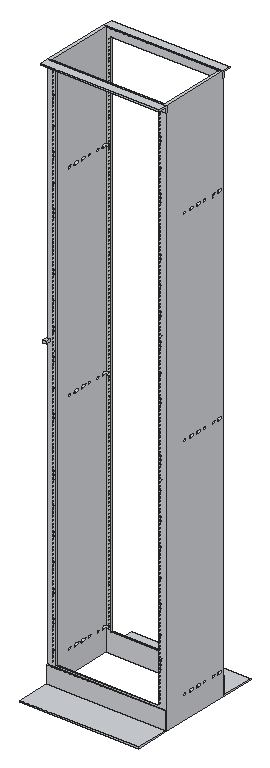
Revit family
Parameters
  Material ID = "760090142"
  Description = "6 IN (152 MM) CHANNEL x 8 FT (2438 MM) H - 19 IN (482.6 MM) STEEL EQUIPMENT RACK (52U) 3/8 SQ PUNCH, BLACK"
Reference planes (in)
  plane 1 "Center (Front/Back)": y = 0
  plane 2: z = 0
  plane 3 "Center (Left/Right)": x = 0
Forms (in)
  Extrusion 1, solid, not visible
    sketch origin (0, -14.305, 0) x (1, 0, 0) y (0, 0, 1)
      loop
        line (-8.5516, 0.86) -> (-8.5516, 0.46) -> (-7.9516, 0.46) -> (-7.9516, 0.86) -> (-8.5516, 0.86)
    from 0 to 0.77696
  Extrusion 2, solid
    sketch origin (0, 0, 0) x (1, 0, 0) y (0, 0, 1)
      loop
        line (-10.155, 42.12) -> (-10.155, -54) -> (10.155, -54) -> (10.155, 42.12) -> (0, 42.12) -> (-10.155, 42.12)
    from 0 to 36
  Extrusion 3, void
    sketch origin (0, 0, 0) x (1, 0, 0) y (0, 0, 1)
      loop
        line (-8.905, 40.855) -> (-8.905, -50.62) -> (8.905, -50.62) -> (8.905, 40.855) -> (-8.905, 40.855)
    from 0 to 36
  Extrusion 4, void
    sketch origin (0, 0, 0) x (0, 1, 0) y (0, 0, 1)
      loop
        line (-12, 44.92) -> (-38, 44.92) -> (-38, -58.24657) -> (-12, -58.24657) -> (-12, 44.92)
    from -31.70377 to 25
  Extrusion 5, void
    sketch origin (0, 0, 0) x (0, 1, 0) y (0, 0, 1)
      loop
        line (-0.2, 59.72052) -> (-11.8, 59.72052) -> (-11.8, -66.46573) -> (-0.2, -66.46573) -> (-0.2, 59.72052)
    from -9.61605 to 9.71756
  Extrusion 6, solid
    sketch origin (0, 0, -24) x (0, 1, 0) y (0, 0, 1)
      loop
        line (-12, -30) -> (-12, -26.8) -> (-12.2, -26.8) -> (-12.2, -29.8) -> (-18, -29.8) -> (-18, -30) -> (-12, -30)
      loop
        line (-12, 66.12) -> (-13.575, 66.12) -> (-13.575, 65.92) -> (-12.2, 65.92) -> (-12.2, 65.06396) -> (-12, 65.06396) -> (-12, 66.12)
      loop
        line (0, 66.12) -> (0, 65.06396) -> (0.2, 65.06396) -> (0.2, 65.92) -> (1.575, 65.92) -> (1.575, 66.12) -> (0, 66.12)
      loop
        line (0, -30) -> (6, -30) -> (6, -29.8) -> (0.2, -29.8) -> (0.2, -26.8) -> (0, -26.8) -> (0, -30)
    from -10.155 to 10.155
  Extrusion 7, void
    sketch origin (0, 0, 0) x (0, 1, 0) y (0, 0, 1)
      loop
        circle (-2.0168, -50) r 0.335
      loop
        circle (-3.8705, -50) r 0.335
      loop
        arc (-4.9429, -50.335) -> (-4.6079, -50) -> (-4.9429, -49.665) r 0.335
        line (-4.9429, -49.665) -> (-5.4429, -49.665)
        arc (-5.4429, -49.665) -> (-5.7779, -50) -> (-5.4429, -50.335) r 0.335
        line (-5.4429, -50.335) -> (-4.9429, -50.335)
      loop
        arc (-6.4429, -50.335) -> (-6.1079, -50) -> (-6.4429, -49.665) r 0.335
        line (-6.4429, -49.665) -> (-6.9429, -49.665)
        arc (-6.9429, -49.665) -> (-7.2779, -50) -> (-6.9429, -50.335) r 0.335
        line (-6.9429, -50.335) -> (-6.4429, -50.335)
      loop
        arc (-0.4429, -50.335) -> (-0.1079, -50) -> (-0.4429, -49.665) r 0.335
        line (-0.4429, -49.665) -> (-0.9429, -49.665)
        arc (-0.9429, -49.665) -> (-1.2779, -50) -> (-0.9429, -50.335) r 0.335
        line (-0.9429, -50.335) -> (-0.4429, -50.335)
      loop
        circle (-8.13, -50) r 0.335
      loop
        circle (-2.0168, -11) r 0.335
      loop
        circle (-3.8705, -11) r 0.335
      loop
        arc (-4.9429, -11.335) -> (-4.6079, -11) -> (-4.9429, -10.665) r 0.335
        line (-4.9429, -10.665) -> (-5.4429, -10.665)
        arc (-5.4429, -10.665) -> (-5.7779, -11) -> (-5.4429, -11.335) r 0.335
        line (-5.4429, -11.335) -> (-4.9429, -11.335)
      loop
        arc (-6.4429, -11.335) -> (-6.1079, -11) -> (-6.4429, -10.665) r 0.335
        line (-6.4429, -10.665) -> (-6.9429, -10.665)
        arc (-6.9429, -10.665) -> (-7.2779, -11) -> (-6.9429, -11.335) r 0.335
        line (-6.9429, -11.335) -> (-6.4429, -11.335)
      loop
        arc (-0.4429, -11.335) -> (-0.1079, -11) -> (-0.4429, -10.665) r 0.335
        line (-0.4429, -10.665) -> (-0.9429, -10.665)
        arc (-0.9429, -10.665) -> (-1.2779, -11) -> (-0.9429, -11.335) r 0.335
        line (-0.9429, -11.335) -> (-0.4429, -11.335)
      loop
        circle (-8.13, -11) r 0.335
      loop
        circle (-2.0168, 24) r 0.335
      loop
        circle (-3.8705, 24) r 0.335
      loop
        arc (-4.9429, 23.665) -> (-4.6079, 24) -> (-4.9429, 24.335) r 0.335
        line (-4.9429, 24.335) -> (-5.4429, 24.335)
        arc (-5.4429, 24.335) -> (-5.7779, 24) -> (-5.4429, 23.665) r 0.335
        line (-5.4429, 23.665) -> (-4.9429, 23.665)
      loop
        arc (-6.4429, 23.665) -> (-6.1079, 24) -> (-6.4429, 24.335) r 0.335
        line (-6.4429, 24.335) -> (-6.9429, 24.335)
        arc (-6.9429, 24.335) -> (-7.2779, 24) -> (-6.9429, 23.665) r 0.335
        line (-6.9429, 23.665) -> (-6.4429, 23.665)
      loop
        arc (-0.4429, 23.665) -> (-0.1079, 24) -> (-0.4429, 24.335) r 0.335
        line (-0.4429, 24.335) -> (-0.9429, 24.335)
        arc (-0.9429, 24.335) -> (-1.2779, 24) -> (-0.9429, 23.665) r 0.335
        line (-0.9429, 23.665) -> (-0.4429, 23.665)
      loop
        circle (-8.13, 24) r 0.335
    from -24.88707 to 25.18322
  Extrusion 8, void
    sketch origin (0, 0, -24.5) x (1, 0, 0) y (0, 0, 1)
      loop
        line (-9.175, 65.0575) -> (-9.264, 65.0575) -> (-9.264, 64.9685) -> (-9.264, 64.8795) -> (-9.175, 64.8795) -> (-9.086, 64.8795) -> (-9.086, 65.0575) -> (-9.175, 65.0575)
      loop
        line (-9.175, 64.4325) -> (-9.264, 64.4325) -> (-9.264, 64.3435) -> (-9.264, 64.2545) -> (-9.175, 64.2545) -> (-9.086, 64.2545) -> (-9.086, 64.4325) -> (-9.175, 64.4325)
      loop
        line (-9.175, 63.8075) -> (-9.264, 63.8075) -> (-9.264, 63.7185) -> (-9.264, 63.6295) -> (-9.175, 63.6295) -> (-9.086, 63.6295) -> (-9.086, 63.8075) -> (-9.175, 63.8075)
      loop
        line (9.175, 65.0575) -> (9.086, 65.0575) -> (9.086, 64.8795) -> (9.175, 64.8795) -> (9.264, 64.8795) -> (9.264, 64.9685) -> (9.264, 65.0575) -> (9.175, 65.0575)
      loop
        line (9.175, 64.4325) -> (9.086, 64.4325) -> (9.086, 64.2545) -> (9.175, 64.2545) -> (9.264, 64.2545) -> (9.264, 64.3435) -> (9.264, 64.4325) -> (9.175, 64.4325)
      loop
        line (9.175, 63.8075) -> (9.086, 63.8075) -> (9.086, 63.6295) -> (9.175, 63.6295) -> (9.264, 63.6295) -> (9.264, 63.7185) -> (9.264, 63.8075) -> (9.175, 63.8075)
    from 0 to 36
  Extrusion 9, void
    sketch origin (0, 0, -26.25) x (1, 0, 0) y (0, 0, 1)
      loop
        line (-9.175, 65.0575) -> (-9.264, 65.0575) -> (-9.264, 64.9685) -> (-9.264, 64.8795) -> (-9.175, 64.8795) -> (-9.086, 64.8795) -> (-9.086, 65.0575) -> (-9.175, 65.0575)
      loop
        line (-9.175, 64.4325) -> (-9.264, 64.4325) -> (-9.264, 64.3435) -> (-9.264, 64.2545) -> (-9.175, 64.2545) -> (-9.086, 64.2545) -> (-9.086, 64.4325) -> (-9.175, 64.4325)
      loop
        line (-9.175, 63.8075) -> (-9.264, 63.8075) -> (-9.264, 63.7185) -> (-9.264, 63.6295) -> (-9.175, 63.6295) -> (-9.086, 63.6295) -> (-9.086, 63.8075) -> (-9.175, 63.8075)
      loop
        line (9.175, 65.0575) -> (9.086, 65.0575) -> (9.086, 64.8795) -> (9.175, 64.8795) -> (9.264, 64.8795) -> (9.264, 64.9685) -> (9.264, 65.0575) -> (9.175, 65.0575)
      loop
        line (9.175, 64.4325) -> (9.086, 64.4325) -> (9.086, 64.2545) -> (9.175, 64.2545) -> (9.264, 64.2545) -> (9.264, 64.3435) -> (9.264, 64.4325) -> (9.175, 64.4325)
      loop
        line (9.175, 63.8075) -> (9.086, 63.8075) -> (9.086, 63.6295) -> (9.175, 63.6295) -> (9.264, 63.6295) -> (9.264, 63.7185) -> (9.264, 63.8075) -> (9.175, 63.8075)
    from 0 to 36
  Extrusion 10, void
    sketch origin (0, 0, -28) x (1, 0, 0) y (0, 0, 1)
      loop
        line (-9.175, 65.0575) -> (-9.264, 65.0575) -> (-9.264, 64.9685) -> (-9.264, 64.8795) -> (-9.175, 64.8795) -> (-9.086, 64.8795) -> (-9.086, 65.0575) -> (-9.175, 65.0575)
      loop
        line (-9.175, 64.4325) -> (-9.264, 64.4325) -> (-9.264, 64.3435) -> (-9.264, 64.2545) -> (-9.175, 64.2545) -> (-9.086, 64.2545) -> (-9.086, 64.4325) -> (-9.175, 64.4325)
      loop
        line (-9.175, 63.8075) -> (-9.264, 63.8075) -> (-9.264, 63.7185) -> (-9.264, 63.6295) -> (-9.175, 63.6295) -> (-9.086, 63.6295) -> (-9.086, 63.8075) -> (-9.175, 63.8075)
      loop
        line (9.175, 65.0575) -> (9.086, 65.0575) -> (9.086, 64.8795) -> (9.175, 64.8795) -> (9.264, 64.8795) -> (9.264, 64.9685) -> (9.264, 65.0575) -> (9.175, 65.0575)
      loop
        line (9.175, 64.4325) -> (9.086, 64.4325) -> (9.086, 64.2545) -> (9.175, 64.2545) -> (9.264, 64.2545) -> (9.264, 64.3435) -> (9.264, 64.4325) -> (9.175, 64.4325)
      loop
        line (9.175, 63.8075) -> (9.086, 63.8075) -> (9.086, 63.6295) -> (9.175, 63.6295) -> (9.264, 63.6295) -> (9.264, 63.7185) -> (9.264, 63.8075) -> (9.175, 63.8075)
    from 0 to 36
  Extrusion 11, void
    sketch origin (0, 0, -29.75) x (1, 0, 0) y (0, 0, 1)
      loop
        line (-9.175, 65.0575) -> (-9.264, 65.0575) -> (-9.264, 64.9685) -> (-9.264, 64.8795) -> (-9.175, 64.8795) -> (-9.086, 64.8795) -> (-9.086, 65.0575) -> (-9.175, 65.0575)
      loop
        line (-9.175, 64.4325) -> (-9.264, 64.4325) -> (-9.264, 64.3435) -> (-9.264, 64.2545) -> (-9.175, 64.2545) -> (-9.086, 64.2545) -> (-9.086, 64.4325) -> (-9.175, 64.4325)
      loop
        line (-9.175, 63.8075) -> (-9.264, 63.8075) -> (-9.264, 63.7185) -> (-9.264, 63.6295) -> (-9.175, 63.6295) -> (-9.086, 63.6295) -> (-9.086, 63.8075) -> (-9.175, 63.8075)
      loop
        line (9.175, 65.0575) -> (9.086, 65.0575) -> (9.086, 64.8795) -> (9.175, 64.8795) -> (9.264, 64.8795) -> (9.264, 64.9685) -> (9.264, 65.0575) -> (9.175, 65.0575)
      loop
        line (9.175, 64.4325) -> (9.086, 64.4325) -> (9.086, 64.2545) -> (9.175, 64.2545) -> (9.264, 64.2545) -> (9.264, 64.3435) -> (9.264, 64.4325) -> (9.175, 64.4325)
      loop
        line (9.175, 63.8075) -> (9.086, 63.8075) -> (9.086, 63.6295) -> (9.175, 63.6295) -> (9.264, 63.6295) -> (9.264, 63.7185) -> (9.264, 63.8075) -> (9.175, 63.8075)
    from 0 to 36
  Extrusion 12, void
    sketch origin (0, 0, -31.5) x (1, 0, 0) y (0, 0, 1)
      loop
        line (-9.175, 65.0575) -> (-9.264, 65.0575) -> (-9.264, 64.9685) -> (-9.264, 64.8795) -> (-9.175, 64.8795) -> (-9.086, 64.8795) -> (-9.086, 65.0575) -> (-9.175, 65.0575)
      loop
        line (-9.175, 64.4325) -> (-9.264, 64.4325) -> (-9.264, 64.3435) -> (-9.264, 64.2545) -> (-9.175, 64.2545) -> (-9.086, 64.2545) -> (-9.086, 64.4325) -> (-9.175, 64.4325)
      loop
        line (-9.175, 63.8075) -> (-9.264, 63.8075) -> (-9.264, 63.7185) -> (-9.264, 63.6295) -> (-9.175, 63.6295) -> (-9.086, 63.6295) -> (-9.086, 63.8075) -> (-9.175, 63.8075)
      loop
        line (9.175, 65.0575) -> (9.086, 65.0575) -> (9.086, 64.8795) -> (9.175, 64.8795) -> (9.264, 64.8795) -> (9.264, 64.9685) -> (9.264, 65.0575) -> (9.175, 65.0575)
      loop
        line (9.175, 64.4325) -> (9.086, 64.4325) -> (9.086, 64.2545) -> (9.175, 64.2545) -> (9.264, 64.2545) -> (9.264, 64.3435) -> (9.264, 64.4325) -> (9.175, 64.4325)
      loop
        line (9.175, 63.8075) -> (9.086, 63.8075) -> (9.086, 63.6295) -> (9.175, 63.6295) -> (9.264, 63.6295) -> (9.264, 63.7185) -> (9.264, 63.8075) -> (9.175, 63.8075)
    from 0 to 36
  Extrusion 13, void
    sketch origin (0, 0, -33.25) x (1, 0, 0) y (0, 0, 1)
      loop
        line (-9.175, 65.0575) -> (-9.264, 65.0575) -> (-9.264, 64.9685) -> (-9.264, 64.8795) -> (-9.175, 64.8795) -> (-9.086, 64.8795) -> (-9.086, 65.0575) -> (-9.175, 65.0575)
      loop
        line (-9.175, 64.4325) -> (-9.264, 64.4325) -> (-9.264, 64.3435) -> (-9.264, 64.2545) -> (-9.175, 64.2545) -> (-9.086, 64.2545) -> (-9.086, 64.4325) -> (-9.175, 64.4325)
      loop
        line (-9.175, 63.8075) -> (-9.264, 63.8075) -> (-9.264, 63.7185) -> (-9.264, 63.6295) -> (-9.175, 63.6295) -> (-9.086, 63.6295) -> (-9.086, 63.8075) -> (-9.175, 63.8075)
      loop
        line (9.175, 65.0575) -> (9.086, 65.0575) -> (9.086, 64.8795) -> (9.175, 64.8795) -> (9.264, 64.8795) -> (9.264, 64.9685) -> (9.264, 65.0575) -> (9.175, 65.0575)
      loop
        line (9.175, 64.4325) -> (9.086, 64.4325) -> (9.086, 64.2545) -> (9.175, 64.2545) -> (9.264, 64.2545) -> (9.264, 64.3435) -> (9.264, 64.4325) -> (9.175, 64.4325)
      loop
        line (9.175, 63.8075) -> (9.086, 63.8075) -> (9.086, 63.6295) -> (9.175, 63.6295) -> (9.264, 63.6295) -> (9.264, 63.7185) -> (9.264, 63.8075) -> (9.175, 63.8075)
    from 0 to 36
  Extrusion 14, void
    sketch origin (0, 0, -35) x (1, 0, 0) y (0, 0, 1)
      loop
        line (-9.175, 65.0575) -> (-9.264, 65.0575) -> (-9.264, 64.9685) -> (-9.264, 64.8795) -> (-9.175, 64.8795) -> (-9.086, 64.8795) -> (-9.086, 65.0575) -> (-9.175, 65.0575)
      loop
        line (-9.175, 64.4325) -> (-9.264, 64.4325) -> (-9.264, 64.3435) -> (-9.264, 64.2545) -> (-9.175, 64.2545) -> (-9.086, 64.2545) -> (-9.086, 64.4325) -> (-9.175, 64.4325)
      loop
        line (-9.175, 63.8075) -> (-9.264, 63.8075) -> (-9.264, 63.7185) -> (-9.264, 63.6295) -> (-9.175, 63.6295) -> (-9.086, 63.6295) -> (-9.086, 63.8075) -> (-9.175, 63.8075)
      loop
        line (9.175, 65.0575) -> (9.086, 65.0575) -> (9.086, 64.8795) -> (9.175, 64.8795) -> (9.264, 64.8795) -> (9.264, 64.9685) -> (9.264, 65.0575) -> (9.175, 65.0575)
      loop
        line (9.175, 64.4325) -> (9.086, 64.4325) -> (9.086, 64.2545) -> (9.175, 64.2545) -> (9.264, 64.2545) -> (9.264, 64.3435) -> (9.264, 64.4325) -> (9.175, 64.4325)
      loop
        line (9.175, 63.8075) -> (9.086, 63.8075) -> (9.086, 63.6295) -> (9.175, 63.6295) -> (9.264, 63.6295) -> (9.264, 63.7185) -> (9.264, 63.8075) -> (9.175, 63.8075)
    from 0 to 36
  Extrusion 15, void
    sketch origin (0, 0, -36.75) x (1, 0, 0) y (0, 0, 1)
      loop
        line (-9.175, 65.0575) -> (-9.264, 65.0575) -> (-9.264, 64.9685) -> (-9.264, 64.8795) -> (-9.175, 64.8795) -> (-9.086, 64.8795) -> (-9.086, 65.0575) -> (-9.175, 65.0575)
      loop
        line (-9.175, 64.4325) -> (-9.264, 64.4325) -> (-9.264, 64.3435) -> (-9.264, 64.2545) -> (-9.175, 64.2545) -> (-9.086, 64.2545) -> (-9.086, 64.4325) -> (-9.175, 64.4325)
      loop
        line (-9.175, 63.8075) -> (-9.264, 63.8075) -> (-9.264, 63.7185) -> (-9.264, 63.6295) -> (-9.175, 63.6295) -> (-9.086, 63.6295) -> (-9.086, 63.8075) -> (-9.175, 63.8075)
      loop
        line (9.175, 65.0575) -> (9.086, 65.0575) -> (9.086, 64.8795) -> (9.175, 64.8795) -> (9.264, 64.8795) -> (9.264, 64.9685) -> (9.264, 65.0575) -> (9.175, 65.0575)
      loop
        line (9.175, 64.4325) -> (9.086, 64.4325) -> (9.086, 64.2545) -> (9.175, 64.2545) -> (9.264, 64.2545) -> (9.264, 64.3435) -> (9.264, 64.4325) -> (9.175, 64.4325)
      loop
        line (9.175, 63.8075) -> (9.086, 63.8075) -> (9.086, 63.6295) -> (9.175, 63.6295) -> (9.264, 63.6295) -> (9.264, 63.7185) -> (9.264, 63.8075) -> (9.175, 63.8075)
    from 0 to 36
  Extrusion 16, void
    sketch origin (0, 0, -38.5) x (1, 0, 0) y (0, 0, 1)
      loop
        line (-9.175, 65.0575) -> (-9.264, 65.0575) -> (-9.264, 64.9685) -> (-9.264, 64.8795) -> (-9.175, 64.8795) -> (-9.086, 64.8795) -> (-9.086, 65.0575) -> (-9.175, 65.0575)
      loop
        line (-9.175, 64.4325) -> (-9.264, 64.4325) -> (-9.264, 64.3435) -> (-9.264, 64.2545) -> (-9.175, 64.2545) -> (-9.086, 64.2545) -> (-9.086, 64.4325) -> (-9.175, 64.4325)
      loop
        line (-9.175, 63.8075) -> (-9.264, 63.8075) -> (-9.264, 63.7185) -> (-9.264, 63.6295) -> (-9.175, 63.6295) -> (-9.086, 63.6295) -> (-9.086, 63.8075) -> (-9.175, 63.8075)
      loop
        line (9.175, 65.0575) -> (9.086, 65.0575) -> (9.086, 64.8795) -> (9.175, 64.8795) -> (9.264, 64.8795) -> (9.264, 64.9685) -> (9.264, 65.0575) -> (9.175, 65.0575)
      loop
        line (9.175, 64.4325) -> (9.086, 64.4325) -> (9.086, 64.2545) -> (9.175, 64.2545) -> (9.264, 64.2545) -> (9.264, 64.3435) -> (9.264, 64.4325) -> (9.175, 64.4325)
      loop
        line (9.175, 63.8075) -> (9.086, 63.8075) -> (9.086, 63.6295) -> (9.175, 63.6295) -> (9.264, 63.6295) -> (9.264, 63.7185) -> (9.264, 63.8075) -> (9.175, 63.8075)
    from 0 to 36
  Extrusion 17, void
    sketch origin (0, 0, -40.25) x (1, 0, 0) y (0, 0, 1)
      loop
        line (-9.175, 65.0575) -> (-9.264, 65.0575) -> (-9.264, 64.9685) -> (-9.264, 64.8795) -> (-9.175, 64.8795) -> (-9.086, 64.8795) -> (-9.086, 65.0575) -> (-9.175, 65.0575)
      loop
        line (-9.175, 64.4325) -> (-9.264, 64.4325) -> (-9.264, 64.3435) -> (-9.264, 64.2545) -> (-9.175, 64.2545) -> (-9.086, 64.2545) -> (-9.086, 64.4325) -> (-9.175, 64.4325)
      loop
        line (-9.175, 63.8075) -> (-9.264, 63.8075) -> (-9.264, 63.7185) -> (-9.264, 63.6295) -> (-9.175, 63.6295) -> (-9.086, 63.6295) -> (-9.086, 63.8075) -> (-9.175, 63.8075)
      loop
        line (9.175, 65.0575) -> (9.086, 65.0575) -> (9.086, 64.8795) -> (9.175, 64.8795) -> (9.264, 64.8795) -> (9.264, 64.9685) -> (9.264, 65.0575) -> (9.175, 65.0575)
      loop
        line (9.175, 64.4325) -> (9.086, 64.4325) -> (9.086, 64.2545) -> (9.175, 64.2545) -> (9.264, 64.2545) -> (9.264, 64.3435) -> (9.264, 64.4325) -> (9.175, 64.4325)
      loop
        line (9.175, 63.8075) -> (9.086, 63.8075) -> (9.086, 63.6295) -> (9.175, 63.6295) -> (9.264, 63.6295) -> (9.264, 63.7185) -> (9.264, 63.8075) -> (9.175, 63.8075)
    from 0 to 36
  Extrusion 18, void
    sketch origin (0, 0, -42) x (1, 0, 0) y (0, 0, 1)
      loop
        line (-9.175, 65.0575) -> (-9.264, 65.0575) -> (-9.264, 64.9685) -> (-9.264, 64.8795) -> (-9.175, 64.8795) -> (-9.086, 64.8795) -> (-9.086, 65.0575) -> (-9.175, 65.0575)
      loop
        line (-9.175, 64.4325) -> (-9.264, 64.4325) -> (-9.264, 64.3435) -> (-9.264, 64.2545) -> (-9.175, 64.2545) -> (-9.086, 64.2545) -> (-9.086, 64.4325) -> (-9.175, 64.4325)
      loop
        line (-9.175, 63.8075) -> (-9.264, 63.8075) -> (-9.264, 63.7185) -> (-9.264, 63.6295) -> (-9.175, 63.6295) -> (-9.086, 63.6295) -> (-9.086, 63.8075) -> (-9.175, 63.8075)
      loop
        line (9.175, 65.0575) -> (9.086, 65.0575) -> (9.086, 64.8795) -> (9.175, 64.8795) -> (9.264, 64.8795) -> (9.264, 64.9685) -> (9.264, 65.0575) -> (9.175, 65.0575)
      loop
        line (9.175, 64.4325) -> (9.086, 64.4325) -> (9.086, 64.2545) -> (9.175, 64.2545) -> (9.264, 64.2545) -> (9.264, 64.3435) -> (9.264, 64.4325) -> (9.175, 64.4325)
      loop
        line (9.175, 63.8075) -> (9.086, 63.8075) -> (9.086, 63.6295) -> (9.175, 63.6295) -> (9.264, 63.6295) -> (9.264, 63.7185) -> (9.264, 63.8075) -> (9.175, 63.8075)
    from 0 to 36
  Extrusion 19, void
    sketch origin (0, 0, -43.75) x (1, 0, 0) y (0, 0, 1)
      loop
        line (-9.175, 65.0575) -> (-9.264, 65.0575) -> (-9.264, 64.9685) -> (-9.264, 64.8795) -> (-9.175, 64.8795) -> (-9.086, 64.8795) -> (-9.086, 65.0575) -> (-9.175, 65.0575)
      loop
        line (-9.175, 64.4325) -> (-9.264, 64.4325) -> (-9.264, 64.3435) -> (-9.264, 64.2545) -> (-9.175, 64.2545) -> (-9.086, 64.2545) -> (-9.086, 64.4325) -> (-9.175, 64.4325)
      loop
        line (-9.175, 63.8075) -> (-9.264, 63.8075) -> (-9.264, 63.7185) -> (-9.264, 63.6295) -> (-9.175, 63.6295) -> (-9.086, 63.6295) -> (-9.086, 63.8075) -> (-9.175, 63.8075)
      loop
        line (9.175, 65.0575) -> (9.086, 65.0575) -> (9.086, 64.8795) -> (9.175, 64.8795) -> (9.264, 64.8795) -> (9.264, 64.9685) -> (9.264, 65.0575) -> (9.175, 65.0575)
      loop
        line (9.175, 64.4325) -> (9.086, 64.4325) -> (9.086, 64.2545) -> (9.175, 64.2545) -> (9.264, 64.2545) -> (9.264, 64.3435) -> (9.264, 64.4325) -> (9.175, 64.4325)
      loop
        line (9.175, 63.8075) -> (9.086, 63.8075) -> (9.086, 63.6295) -> (9.175, 63.6295) -> (9.264, 63.6295) -> (9.264, 63.7185) -> (9.264, 63.8075) -> (9.175, 63.8075)
    from 0 to 36
  Extrusion 20, void
    sketch origin (0, 0, -45.5) x (1, 0, 0) y (0, 0, 1)
      loop
        line (-9.175, 65.0575) -> (-9.264, 65.0575) -> (-9.264, 64.9685) -> (-9.264, 64.8795) -> (-9.175, 64.8795) -> (-9.086, 64.8795) -> (-9.086, 65.0575) -> (-9.175, 65.0575)
      loop
        line (-9.175, 64.4325) -> (-9.264, 64.4325) -> (-9.264, 64.3435) -> (-9.264, 64.2545) -> (-9.175, 64.2545) -> (-9.086, 64.2545) -> (-9.086, 64.4325) -> (-9.175, 64.4325)
      loop
        line (-9.175, 63.8075) -> (-9.264, 63.8075) -> (-9.264, 63.7185) -> (-9.264, 63.6295) -> (-9.175, 63.6295) -> (-9.086, 63.6295) -> (-9.086, 63.8075) -> (-9.175, 63.8075)
      loop
        line (9.175, 65.0575) -> (9.086, 65.0575) -> (9.086, 64.8795) -> (9.175, 64.8795) -> (9.264, 64.8795) -> (9.264, 64.9685) -> (9.264, 65.0575) -> (9.175, 65.0575)
      loop
        line (9.175, 64.4325) -> (9.086, 64.4325) -> (9.086, 64.2545) -> (9.175, 64.2545) -> (9.264, 64.2545) -> (9.264, 64.3435) -> (9.264, 64.4325) -> (9.175, 64.4325)
      loop
        line (9.175, 63.8075) -> (9.086, 63.8075) -> (9.086, 63.6295) -> (9.175, 63.6295) -> (9.264, 63.6295) -> (9.264, 63.7185) -> (9.264, 63.8075) -> (9.175, 63.8075)
    from 0 to 36
  Extrusion 21, void
    sketch origin (0, 0, -47.25) x (1, 0, 0) y (0, 0, 1)
      loop
        line (-9.175, 65.0575) -> (-9.264, 65.0575) -> (-9.264, 64.9685) -> (-9.264, 64.8795) -> (-9.175, 64.8795) -> (-9.086, 64.8795) -> (-9.086, 65.0575) -> (-9.175, 65.0575)
      loop
        line (-9.175, 64.4325) -> (-9.264, 64.4325) -> (-9.264, 64.3435) -> (-9.264, 64.2545) -> (-9.175, 64.2545) -> (-9.086, 64.2545) -> (-9.086, 64.4325) -> (-9.175, 64.4325)
      loop
        line (-9.175, 63.8075) -> (-9.264, 63.8075) -> (-9.264, 63.7185) -> (-9.264, 63.6295) -> (-9.175, 63.6295) -> (-9.086, 63.6295) -> (-9.086, 63.8075) -> (-9.175, 63.8075)
      loop
        line (9.175, 65.0575) -> (9.086, 65.0575) -> (9.086, 64.8795) -> (9.175, 64.8795) -> (9.264, 64.8795) -> (9.264, 64.9685) -> (9.264, 65.0575) -> (9.175, 65.0575)
      loop
        line (9.175, 64.4325) -> (9.086, 64.4325) -> (9.086, 64.2545) -> (9.175, 64.2545) -> (9.264, 64.2545) -> (9.264, 64.3435) -> (9.264, 64.4325) -> (9.175, 64.4325)
      loop
        line (9.175, 63.8075) -> (9.086, 63.8075) -> (9.086, 63.6295) -> (9.175, 63.6295) -> (9.264, 63.6295) -> (9.264, 63.7185) -> (9.264, 63.8075) -> (9.175, 63.8075)
    from 0 to 36
  Extrusion 22, void
    sketch origin (0, 0, -49) x (1, 0, 0) y (0, 0, 1)
      loop
        line (-9.175, 65.0575) -> (-9.264, 65.0575) -> (-9.264, 64.9685) -> (-9.264, 64.8795) -> (-9.175, 64.8795) -> (-9.086, 64.8795) -> (-9.086, 65.0575) -> (-9.175, 65.0575)
      loop
        line (-9.175, 64.4325) -> (-9.264, 64.4325) -> (-9.264, 64.3435) -> (-9.264, 64.2545) -> (-9.175, 64.2545) -> (-9.086, 64.2545) -> (-9.086, 64.4325) -> (-9.175, 64.4325)
      loop
        line (-9.175, 63.8075) -> (-9.264, 63.8075) -> (-9.264, 63.7185) -> (-9.264, 63.6295) -> (-9.175, 63.6295) -> (-9.086, 63.6295) -> (-9.086, 63.8075) -> (-9.175, 63.8075)
      loop
        line (9.175, 65.0575) -> (9.086, 65.0575) -> (9.086, 64.8795) -> (9.175, 64.8795) -> (9.264, 64.8795) -> (9.264, 64.9685) -> (9.264, 65.0575) -> (9.175, 65.0575)
      loop
        line (9.175, 64.4325) -> (9.086, 64.4325) -> (9.086, 64.2545) -> (9.175, 64.2545) -> (9.264, 64.2545) -> (9.264, 64.3435) -> (9.264, 64.4325) -> (9.175, 64.4325)
      loop
        line (9.175, 63.8075) -> (9.086, 63.8075) -> (9.086, 63.6295) -> (9.175, 63.6295) -> (9.264, 63.6295) -> (9.264, 63.7185) -> (9.264, 63.8075) -> (9.175, 63.8075)
    from 0 to 36
  Extrusion 23, void
    sketch origin (0, 0, -50.75) x (1, 0, 0) y (0, 0, 1)
      loop
        line (-9.175, 65.0575) -> (-9.264, 65.0575) -> (-9.264, 64.9685) -> (-9.264, 64.8795) -> (-9.175, 64.8795) -> (-9.086, 64.8795) -> (-9.086, 65.0575) -> (-9.175, 65.0575)
      loop
        line (-9.175, 64.4325) -> (-9.264, 64.4325) -> (-9.264, 64.3435) -> (-9.264, 64.2545) -> (-9.175, 64.2545) -> (-9.086, 64.2545) -> (-9.086, 64.4325) -> (-9.175, 64.4325)
      loop
        line (-9.175, 63.8075) -> (-9.264, 63.8075) -> (-9.264, 63.7185) -> (-9.264, 63.6295) -> (-9.175, 63.6295) -> (-9.086, 63.6295) -> (-9.086, 63.8075) -> (-9.175, 63.8075)
      loop
        line (9.175, 65.0575) -> (9.086, 65.0575) -> (9.086, 64.8795) -> (9.175, 64.8795) -> (9.264, 64.8795) -> (9.264, 64.9685) -> (9.264, 65.0575) -> (9.175, 65.0575)
      loop
        line (9.175, 64.4325) -> (9.086, 64.4325) -> (9.086, 64.2545) -> (9.175, 64.2545) -> (9.264, 64.2545) -> (9.264, 64.3435) -> (9.264, 64.4325) -> (9.175, 64.4325)
      loop
        line (9.175, 63.8075) -> (9.086, 63.8075) -> (9.086, 63.6295) -> (9.175, 63.6295) -> (9.264, 63.6295) -> (9.264, 63.7185) -> (9.264, 63.8075) -> (9.175, 63.8075)
    from 0 to 36
  Extrusion 24, void
    sketch origin (0, 0, -52.5) x (1, 0, 0) y (0, 0, 1)
      loop
        line (-9.175, 65.0575) -> (-9.264, 65.0575) -> (-9.264, 64.9685) -> (-9.264, 64.8795) -> (-9.175, 64.8795) -> (-9.086, 64.8795) -> (-9.086, 65.0575) -> (-9.175, 65.0575)
      loop
        line (-9.175, 64.4325) -> (-9.264, 64.4325) -> (-9.264, 64.3435) -> (-9.264, 64.2545) -> (-9.175, 64.2545) -> (-9.086, 64.2545) -> (-9.086, 64.4325) -> (-9.175, 64.4325)
      loop
        line (-9.175, 63.8075) -> (-9.264, 63.8075) -> (-9.264, 63.7185) -> (-9.264, 63.6295) -> (-9.175, 63.6295) -> (-9.086, 63.6295) -> (-9.086, 63.8075) -> (-9.175, 63.8075)
      loop
        line (9.175, 65.0575) -> (9.086, 65.0575) -> (9.086, 64.8795) -> (9.175, 64.8795) -> (9.264, 64.8795) -> (9.264, 64.9685) -> (9.264, 65.0575) -> (9.175, 65.0575)
      loop
        line (9.175, 64.4325) -> (9.086, 64.4325) -> (9.086, 64.2545) -> (9.175, 64.2545) -> (9.264, 64.2545) -> (9.264, 64.3435) -> (9.264, 64.4325) -> (9.175, 64.4325)
      loop
        line (9.175, 63.8075) -> (9.086, 63.8075) -> (9.086, 63.6295) -> (9.175, 63.6295) -> (9.264, 63.6295) -> (9.264, 63.7185) -> (9.264, 63.8075) -> (9.175, 63.8075)
    from 0 to 36
  Extrusion 25, void
    sketch origin (0, 0, -54.25) x (1, 0, 0) y (0, 0, 1)
      loop
        line (-9.175, 65.0575) -> (-9.264, 65.0575) -> (-9.264, 64.9685) -> (-9.264, 64.8795) -> (-9.175, 64.8795) -> (-9.086, 64.8795) -> (-9.086, 65.0575) -> (-9.175, 65.0575)
      loop
        line (-9.175, 64.4325) -> (-9.264, 64.4325) -> (-9.264, 64.3435) -> (-9.264, 64.2545) -> (-9.175, 64.2545) -> (-9.086, 64.2545) -> (-9.086, 64.4325) -> (-9.175, 64.4325)
      loop
        line (-9.175, 63.8075) -> (-9.264, 63.8075) -> (-9.264, 63.7185) -> (-9.264, 63.6295) -> (-9.175, 63.6295) -> (-9.086, 63.6295) -> (-9.086, 63.8075) -> (-9.175, 63.8075)
      loop
        line (9.175, 65.0575) -> (9.086, 65.0575) -> (9.086, 64.8795) -> (9.175, 64.8795) -> (9.264, 64.8795) -> (9.264, 64.9685) -> (9.264, 65.0575) -> (9.175, 65.0575)
      loop
        line (9.175, 64.4325) -> (9.086, 64.4325) -> (9.086, 64.2545) -> (9.175, 64.2545) -> (9.264, 64.2545) -> (9.264, 64.3435) -> (9.264, 64.4325) -> (9.175, 64.4325)
      loop
        line (9.175, 63.8075) -> (9.086, 63.8075) -> (9.086, 63.6295) -> (9.175, 63.6295) -> (9.264, 63.6295) -> (9.264, 63.7185) -> (9.264, 63.8075) -> (9.175, 63.8075)
    from 0 to 36
  Extrusion 26, void
    sketch origin (0, 0, -56) x (1, 0, 0) y (0, 0, 1)
      loop
        line (-9.175, 65.0575) -> (-9.264, 65.0575) -> (-9.264, 64.9685) -> (-9.264, 64.8795) -> (-9.175, 64.8795) -> (-9.086, 64.8795) -> (-9.086, 65.0575) -> (-9.175, 65.0575)
      loop
        line (-9.175, 64.4325) -> (-9.264, 64.4325) -> (-9.264, 64.3435) -> (-9.264, 64.2545) -> (-9.175, 64.2545) -> (-9.086, 64.2545) -> (-9.086, 64.4325) -> (-9.175, 64.4325)
      loop
        line (-9.175, 63.8075) -> (-9.264, 63.8075) -> (-9.264, 63.7185) -> (-9.264, 63.6295) -> (-9.175, 63.6295) -> (-9.086, 63.6295) -> (-9.086, 63.8075) -> (-9.175, 63.8075)
      loop
        line (9.175, 65.0575) -> (9.086, 65.0575) -> (9.086, 64.8795) -> (9.175, 64.8795) -> (9.264, 64.8795) -> (9.264, 64.9685) -> (9.264, 65.0575) -> (9.175, 65.0575)
      loop
        line (9.175, 64.4325) -> (9.086, 64.4325) -> (9.086, 64.2545) -> (9.175, 64.2545) -> (9.264, 64.2545) -> (9.264, 64.3435) -> (9.264, 64.4325) -> (9.175, 64.4325)
      loop
        line (9.175, 63.8075) -> (9.086, 63.8075) -> (9.086, 63.6295) -> (9.175, 63.6295) -> (9.264, 63.6295) -> (9.264, 63.7185) -> (9.264, 63.8075) -> (9.175, 63.8075)
    from 0 to 36
  Extrusion 27, void
    sketch origin (0, 0, -57.75) x (1, 0, 0) y (0, 0, 1)
      loop
        line (-9.175, 65.0575) -> (-9.264, 65.0575) -> (-9.264, 64.9685) -> (-9.264, 64.8795) -> (-9.175, 64.8795) -> (-9.086, 64.8795) -> (-9.086, 65.0575) -> (-9.175, 65.0575)
      loop
        line (-9.175, 64.4325) -> (-9.264, 64.4325) -> (-9.264, 64.3435) -> (-9.264, 64.2545) -> (-9.175, 64.2545) -> (-9.086, 64.2545) -> (-9.086, 64.4325) -> (-9.175, 64.4325)
      loop
        line (-9.175, 63.8075) -> (-9.264, 63.8075) -> (-9.264, 63.7185) -> (-9.264, 63.6295) -> (-9.175, 63.6295) -> (-9.086, 63.6295) -> (-9.086, 63.8075) -> (-9.175, 63.8075)
      loop
        line (9.175, 65.0575) -> (9.086, 65.0575) -> (9.086, 64.8795) -> (9.175, 64.8795) -> (9.264, 64.8795) -> (9.264, 64.9685) -> (9.264, 65.0575) -> (9.175, 65.0575)
      loop
        line (9.175, 64.4325) -> (9.086, 64.4325) -> (9.086, 64.2545) -> (9.175, 64.2545) -> (9.264, 64.2545) -> (9.264, 64.3435) -> (9.264, 64.4325) -> (9.175, 64.4325)
      loop
        line (9.175, 63.8075) -> (9.086, 63.8075) -> (9.086, 63.6295) -> (9.175, 63.6295) -> (9.264, 63.6295) -> (9.264, 63.7185) -> (9.264, 63.8075) -> (9.175, 63.8075)
    from 0 to 36
  Extrusion 28, void
    sketch origin (0, 0, -59.5) x (1, 0, 0) y (0, 0, 1)
      loop
        line (-9.175, 65.0575) -> (-9.264, 65.0575) -> (-9.264, 64.9685) -> (-9.264, 64.8795) -> (-9.175, 64.8795) -> (-9.086, 64.8795) -> (-9.086, 65.0575) -> (-9.175, 65.0575)
      loop
        line (-9.175, 64.4325) -> (-9.264, 64.4325) -> (-9.264, 64.3435) -> (-9.264, 64.2545) -> (-9.175, 64.2545) -> (-9.086, 64.2545) -> (-9.086, 64.4325) -> (-9.175, 64.4325)
      loop
        line (-9.175, 63.8075) -> (-9.264, 63.8075) -> (-9.264, 63.7185) -> (-9.264, 63.6295) -> (-9.175, 63.6295) -> (-9.086, 63.6295) -> (-9.086, 63.8075) -> (-9.175, 63.8075)
      loop
        line (9.175, 65.0575) -> (9.086, 65.0575) -> (9.086, 64.8795) -> (9.175, 64.8795) -> (9.264, 64.8795) -> (9.264, 64.9685) -> (9.264, 65.0575) -> (9.175, 65.0575)
      loop
        line (9.175, 64.4325) -> (9.086, 64.4325) -> (9.086, 64.2545) -> (9.175, 64.2545) -> (9.264, 64.2545) -> (9.264, 64.3435) -> (9.264, 64.4325) -> (9.175, 64.4325)
      loop
        line (9.175, 63.8075) -> (9.086, 63.8075) -> (9.086, 63.6295) -> (9.175, 63.6295) -> (9.264, 63.6295) -> (9.264, 63.7185) -> (9.264, 63.8075) -> (9.175, 63.8075)
    from 0 to 36
  Extrusion 29, void
    sketch origin (0, 0, -61.25) x (1, 0, 0) y (0, 0, 1)
      loop
        line (-9.175, 65.0575) -> (-9.264, 65.0575) -> (-9.264, 64.9685) -> (-9.264, 64.8795) -> (-9.175, 64.8795) -> (-9.086, 64.8795) -> (-9.086, 65.0575) -> (-9.175, 65.0575)
      loop
        line (-9.175, 64.4325) -> (-9.264, 64.4325) -> (-9.264, 64.3435) -> (-9.264, 64.2545) -> (-9.175, 64.2545) -> (-9.086, 64.2545) -> (-9.086, 64.4325) -> (-9.175, 64.4325)
      loop
        line (-9.175, 63.8075) -> (-9.264, 63.8075) -> (-9.264, 63.7185) -> (-9.264, 63.6295) -> (-9.175, 63.6295) -> (-9.086, 63.6295) -> (-9.086, 63.8075) -> (-9.175, 63.8075)
      loop
        line (9.175, 65.0575) -> (9.086, 65.0575) -> (9.086, 64.8795) -> (9.175, 64.8795) -> (9.264, 64.8795) -> (9.264, 64.9685) -> (9.264, 65.0575) -> (9.175, 65.0575)
      loop
        line (9.175, 64.4325) -> (9.086, 64.4325) -> (9.086, 64.2545) -> (9.175, 64.2545) -> (9.264, 64.2545) -> (9.264, 64.3435) -> (9.264, 64.4325) -> (9.175, 64.4325)
      loop
        line (9.175, 63.8075) -> (9.086, 63.8075) -> (9.086, 63.6295) -> (9.175, 63.6295) -> (9.264, 63.6295) -> (9.264, 63.7185) -> (9.264, 63.8075) -> (9.175, 63.8075)
    from 0 to 36
  Extrusion 30, void
    sketch origin (0, 0, -63) x (1, 0, 0) y (0, 0, 1)
      loop
        line (-9.175, 65.0575) -> (-9.264, 65.0575) -> (-9.264, 64.9685) -> (-9.264, 64.8795) -> (-9.175, 64.8795) -> (-9.086, 64.8795) -> (-9.086, 65.0575) -> (-9.175, 65.0575)
      loop
        line (-9.175, 64.4325) -> (-9.264, 64.4325) -> (-9.264, 64.3435) -> (-9.264, 64.2545) -> (-9.175, 64.2545) -> (-9.086, 64.2545) -> (-9.086, 64.4325) -> (-9.175, 64.4325)
      loop
        line (-9.175, 63.8075) -> (-9.264, 63.8075) -> (-9.264, 63.7185) -> (-9.264, 63.6295) -> (-9.175, 63.6295) -> (-9.086, 63.6295) -> (-9.086, 63.8075) -> (-9.175, 63.8075)
      loop
        line (9.175, 65.0575) -> (9.086, 65.0575) -> (9.086, 64.8795) -> (9.175, 64.8795) -> (9.264, 64.8795) -> (9.264, 64.9685) -> (9.264, 65.0575) -> (9.175, 65.0575)
      loop
        line (9.175, 64.4325) -> (9.086, 64.4325) -> (9.086, 64.2545) -> (9.175, 64.2545) -> (9.264, 64.2545) -> (9.264, 64.3435) -> (9.264, 64.4325) -> (9.175, 64.4325)
      loop
        line (9.175, 63.8075) -> (9.086, 63.8075) -> (9.086, 63.6295) -> (9.175, 63.6295) -> (9.264, 63.6295) -> (9.264, 63.7185) -> (9.264, 63.8075) -> (9.175, 63.8075)
    from 0 to 36
  Extrusion 31, void
    sketch origin (0, 0, -64.75) x (1, 0, 0) y (0, 0, 1)
      loop
        line (-9.175, 65.0575) -> (-9.264, 65.0575) -> (-9.264, 64.9685) -> (-9.264, 64.8795) -> (-9.175, 64.8795) -> (-9.086, 64.8795) -> (-9.086, 65.0575) -> (-9.175, 65.0575)
      loop
        line (-9.175, 64.4325) -> (-9.264, 64.4325) -> (-9.264, 64.3435) -> (-9.264, 64.2545) -> (-9.175, 64.2545) -> (-9.086, 64.2545) -> (-9.086, 64.4325) -> (-9.175, 64.4325)
      loop
        line (-9.175, 63.8075) -> (-9.264, 63.8075) -> (-9.264, 63.7185) -> (-9.264, 63.6295) -> (-9.175, 63.6295) -> (-9.086, 63.6295) -> (-9.086, 63.8075) -> (-9.175, 63.8075)
      loop
        line (9.175, 65.0575) -> (9.086, 65.0575) -> (9.086, 64.8795) -> (9.175, 64.8795) -> (9.264, 64.8795) -> (9.264, 64.9685) -> (9.264, 65.0575) -> (9.175, 65.0575)
      loop
        line (9.175, 64.4325) -> (9.086, 64.4325) -> (9.086, 64.2545) -> (9.175, 64.2545) -> (9.264, 64.2545) -> (9.264, 64.3435) -> (9.264, 64.4325) -> (9.175, 64.4325)
      loop
        line (9.175, 63.8075) -> (9.086, 63.8075) -> (9.086, 63.6295) -> (9.175, 63.6295) -> (9.264, 63.6295) -> (9.264, 63.7185) -> (9.264, 63.8075) -> (9.175, 63.8075)
    from 0 to 36
  Extrusion 32, void
    sketch origin (0, 0, -66.5) x (1, 0, 0) y (0, 0, 1)
      loop
        line (-9.175, 65.0575) -> (-9.264, 65.0575) -> (-9.264, 64.9685) -> (-9.264, 64.8795) -> (-9.175, 64.8795) -> (-9.086, 64.8795) -> (-9.086, 65.0575) -> (-9.175, 65.0575)
      loop
        line (-9.175, 64.4325) -> (-9.264, 64.4325) -> (-9.264, 64.3435) -> (-9.264, 64.2545) -> (-9.175, 64.2545) -> (-9.086, 64.2545) -> (-9.086, 64.4325) -> (-9.175, 64.4325)
      loop
        line (-9.175, 63.8075) -> (-9.264, 63.8075) -> (-9.264, 63.7185) -> (-9.264, 63.6295) -> (-9.175, 63.6295) -> (-9.086, 63.6295) -> (-9.086, 63.8075) -> (-9.175, 63.8075)
      loop
        line (9.175, 65.0575) -> (9.086, 65.0575) -> (9.086, 64.8795) -> (9.175, 64.8795) -> (9.264, 64.8795) -> (9.264, 64.9685) -> (9.264, 65.0575) -> (9.175, 65.0575)
      loop
        line (9.175, 64.4325) -> (9.086, 64.4325) -> (9.086, 64.2545) -> (9.175, 64.2545) -> (9.264, 64.2545) -> (9.264, 64.3435) -> (9.264, 64.4325) -> (9.175, 64.4325)
      loop
        line (9.175, 63.8075) -> (9.086, 63.8075) -> (9.086, 63.6295) -> (9.175, 63.6295) -> (9.264, 63.6295) -> (9.264, 63.7185) -> (9.264, 63.8075) -> (9.175, 63.8075)
    from 0 to 36
  Extrusion 33, void
    sketch origin (0, 0, -68.25) x (1, 0, 0) y (0, 0, 1)
      loop
        line (-9.175, 65.0575) -> (-9.264, 65.0575) -> (-9.264, 64.9685) -> (-9.264, 64.8795) -> (-9.175, 64.8795) -> (-9.086, 64.8795) -> (-9.086, 65.0575) -> (-9.175, 65.0575)
      loop
        line (-9.175, 64.4325) -> (-9.264, 64.4325) -> (-9.264, 64.3435) -> (-9.264, 64.2545) -> (-9.175, 64.2545) -> (-9.086, 64.2545) -> (-9.086, 64.4325) -> (-9.175, 64.4325)
      loop
        line (-9.175, 63.8075) -> (-9.264, 63.8075) -> (-9.264, 63.7185) -> (-9.264, 63.6295) -> (-9.175, 63.6295) -> (-9.086, 63.6295) -> (-9.086, 63.8075) -> (-9.175, 63.8075)
      loop
        line (9.175, 65.0575) -> (9.086, 65.0575) -> (9.086, 64.8795) -> (9.175, 64.8795) -> (9.264, 64.8795) -> (9.264, 64.9685) -> (9.264, 65.0575) -> (9.175, 65.0575)
      loop
        line (9.175, 64.4325) -> (9.086, 64.4325) -> (9.086, 64.2545) -> (9.175, 64.2545) -> (9.264, 64.2545) -> (9.264, 64.3435) -> (9.264, 64.4325) -> (9.175, 64.4325)
      loop
        line (9.175, 63.8075) -> (9.086, 63.8075) -> (9.086, 63.6295) -> (9.175, 63.6295) -> (9.264, 63.6295) -> (9.264, 63.7185) -> (9.264, 63.8075) -> (9.175, 63.8075)
    from 0 to 36
  Extrusion 34, void
    sketch origin (0, 0, -70) x (1, 0, 0) y (0, 0, 1)
      loop
        line (-9.175, 65.0575) -> (-9.264, 65.0575) -> (-9.264, 64.9685) -> (-9.264, 64.8795) -> (-9.175, 64.8795) -> (-9.086, 64.8795) -> (-9.086, 65.0575) -> (-9.175, 65.0575)
      loop
        line (-9.175, 64.4325) -> (-9.264, 64.4325) -> (-9.264, 64.3435) -> (-9.264, 64.2545) -> (-9.175, 64.2545) -> (-9.086, 64.2545) -> (-9.086, 64.4325) -> (-9.175, 64.4325)
      loop
        line (-9.175, 63.8075) -> (-9.264, 63.8075) -> (-9.264, 63.7185) -> (-9.264, 63.6295) -> (-9.175, 63.6295) -> (-9.086, 63.6295) -> (-9.086, 63.8075) -> (-9.175, 63.8075)
      loop
        line (9.175, 65.0575) -> (9.086, 65.0575) -> (9.086, 64.8795) -> (9.175, 64.8795) -> (9.264, 64.8795) -> (9.264, 64.9685) -> (9.264, 65.0575) -> (9.175, 65.0575)
      loop
        line (9.175, 64.4325) -> (9.086, 64.4325) -> (9.086, 64.2545) -> (9.175, 64.2545) -> (9.264, 64.2545) -> (9.264, 64.3435) -> (9.264, 64.4325) -> (9.175, 64.4325)
      loop
        line (9.175, 63.8075) -> (9.086, 63.8075) -> (9.086, 63.6295) -> (9.175, 63.6295) -> (9.264, 63.6295) -> (9.264, 63.7185) -> (9.264, 63.8075) -> (9.175, 63.8075)
    from 0 to 36
  Extrusion 35, void
    sketch origin (0, 0, -71.75) x (1, 0, 0) y (0, 0, 1)
      loop
        line (-9.175, 65.0575) -> (-9.264, 65.0575) -> (-9.264, 64.9685) -> (-9.264, 64.8795) -> (-9.175, 64.8795) -> (-9.086, 64.8795) -> (-9.086, 65.0575) -> (-9.175, 65.0575)
      loop
        line (-9.175, 64.4325) -> (-9.264, 64.4325) -> (-9.264, 64.3435) -> (-9.264, 64.2545) -> (-9.175, 64.2545) -> (-9.086, 64.2545) -> (-9.086, 64.4325) -> (-9.175, 64.4325)
      loop
        line (-9.175, 63.8075) -> (-9.264, 63.8075) -> (-9.264, 63.7185) -> (-9.264, 63.6295) -> (-9.175, 63.6295) -> (-9.086, 63.6295) -> (-9.086, 63.8075) -> (-9.175, 63.8075)
      loop
        line (9.175, 65.0575) -> (9.086, 65.0575) -> (9.086, 64.8795) -> (9.175, 64.8795) -> (9.264, 64.8795) -> (9.264, 64.9685) -> (9.264, 65.0575) -> (9.175, 65.0575)
      loop
        line (9.175, 64.4325) -> (9.086, 64.4325) -> (9.086, 64.2545) -> (9.175, 64.2545) -> (9.264, 64.2545) -> (9.264, 64.3435) -> (9.264, 64.4325) -> (9.175, 64.4325)
      loop
        line (9.175, 63.8075) -> (9.086, 63.8075) -> (9.086, 63.6295) -> (9.175, 63.6295) -> (9.264, 63.6295) -> (9.264, 63.7185) -> (9.264, 63.8075) -> (9.175, 63.8075)
    from 0 to 36
  Extrusion 36, void
    sketch origin (0, 0, -73.5) x (1, 0, 0) y (0, 0, 1)
      loop
        line (-9.175, 65.0575) -> (-9.264, 65.0575) -> (-9.264, 64.9685) -> (-9.264, 64.8795) -> (-9.175, 64.8795) -> (-9.086, 64.8795) -> (-9.086, 65.0575) -> (-9.175, 65.0575)
      loop
        line (-9.175, 64.4325) -> (-9.264, 64.4325) -> (-9.264, 64.3435) -> (-9.264, 64.2545) -> (-9.175, 64.2545) -> (-9.086, 64.2545) -> (-9.086, 64.4325) -> (-9.175, 64.4325)
      loop
        line (-9.175, 63.8075) -> (-9.264, 63.8075) -> (-9.264, 63.7185) -> (-9.264, 63.6295) -> (-9.175, 63.6295) -> (-9.086, 63.6295) -> (-9.086, 63.8075) -> (-9.175, 63.8075)
      loop
        line (9.175, 65.0575) -> (9.086, 65.0575) -> (9.086, 64.8795) -> (9.175, 64.8795) -> (9.264, 64.8795) -> (9.264, 64.9685) -> (9.264, 65.0575) -> (9.175, 65.0575)
      loop
        line (9.175, 64.4325) -> (9.086, 64.4325) -> (9.086, 64.2545) -> (9.175, 64.2545) -> (9.264, 64.2545) -> (9.264, 64.3435) -> (9.264, 64.4325) -> (9.175, 64.4325)
      loop
        line (9.175, 63.8075) -> (9.086, 63.8075) -> (9.086, 63.6295) -> (9.175, 63.6295) -> (9.264, 63.6295) -> (9.264, 63.7185) -> (9.264, 63.8075) -> (9.175, 63.8075)
    from 0 to 36
  Extrusion 37, void
    sketch origin (0, 0, -75.25) x (1, 0, 0) y (0, 0, 1)
      loop
        line (-9.175, 65.0575) -> (-9.264, 65.0575) -> (-9.264, 64.9685) -> (-9.264, 64.8795) -> (-9.175, 64.8795) -> (-9.086, 64.8795) -> (-9.086, 65.0575) -> (-9.175, 65.0575)
      loop
        line (-9.175, 64.4325) -> (-9.264, 64.4325) -> (-9.264, 64.3435) -> (-9.264, 64.2545) -> (-9.175, 64.2545) -> (-9.086, 64.2545) -> (-9.086, 64.4325) -> (-9.175, 64.4325)
      loop
        line (-9.175, 63.8075) -> (-9.264, 63.8075) -> (-9.264, 63.7185) -> (-9.264, 63.6295) -> (-9.175, 63.6295) -> (-9.086, 63.6295) -> (-9.086, 63.8075) -> (-9.175, 63.8075)
      loop
        line (9.175, 65.0575) -> (9.086, 65.0575) -> (9.086, 64.8795) -> (9.175, 64.8795) -> (9.264, 64.8795) -> (9.264, 64.9685) -> (9.264, 65.0575) -> (9.175, 65.0575)
      loop
        line (9.175, 64.4325) -> (9.086, 64.4325) -> (9.086, 64.2545) -> (9.175, 64.2545) -> (9.264, 64.2545) -> (9.264, 64.3435) -> (9.264, 64.4325) -> (9.175, 64.4325)
      loop
        line (9.175, 63.8075) -> (9.086, 63.8075) -> (9.086, 63.6295) -> (9.175, 63.6295) -> (9.264, 63.6295) -> (9.264, 63.7185) -> (9.264, 63.8075) -> (9.175, 63.8075)
    from 0 to 36
  Extrusion 38, void
    sketch origin (0, 0, -77) x (1, 0, 0) y (0, 0, 1)
      loop
        line (-9.175, 65.0575) -> (-9.264, 65.0575) -> (-9.264, 64.9685) -> (-9.264, 64.8795) -> (-9.175, 64.8795) -> (-9.086, 64.8795) -> (-9.086, 65.0575) -> (-9.175, 65.0575)
      loop
        line (-9.175, 64.4325) -> (-9.264, 64.4325) -> (-9.264, 64.3435) -> (-9.264, 64.2545) -> (-9.175, 64.2545) -> (-9.086, 64.2545) -> (-9.086, 64.4325) -> (-9.175, 64.4325)
      loop
        line (-9.175, 63.8075) -> (-9.264, 63.8075) -> (-9.264, 63.7185) -> (-9.264, 63.6295) -> (-9.175, 63.6295) -> (-9.086, 63.6295) -> (-9.086, 63.8075) -> (-9.175, 63.8075)
      loop
        line (9.175, 65.0575) -> (9.086, 65.0575) -> (9.086, 64.8795) -> (9.175, 64.8795) -> (9.264, 64.8795) -> (9.264, 64.9685) -> (9.264, 65.0575) -> (9.175, 65.0575)
      loop
        line (9.175, 64.4325) -> (9.086, 64.4325) -> (9.086, 64.2545) -> (9.175, 64.2545) -> (9.264, 64.2545) -> (9.264, 64.3435) -> (9.264, 64.4325) -> (9.175, 64.4325)
      loop
        line (9.175, 63.8075) -> (9.086, 63.8075) -> (9.086, 63.6295) -> (9.175, 63.6295) -> (9.264, 63.6295) -> (9.264, 63.7185) -> (9.264, 63.8075) -> (9.175, 63.8075)
    from 0 to 36
  Extrusion 39, void
    sketch origin (0, 0, -78.75) x (1, 0, 0) y (0, 0, 1)
      loop
        line (-9.175, 65.0575) -> (-9.264, 65.0575) -> (-9.264, 64.9685) -> (-9.264, 64.8795) -> (-9.175, 64.8795) -> (-9.086, 64.8795) -> (-9.086, 65.0575) -> (-9.175, 65.0575)
      loop
        line (-9.175, 64.4325) -> (-9.264, 64.4325) -> (-9.264, 64.3435) -> (-9.264, 64.2545) -> (-9.175, 64.2545) -> (-9.086, 64.2545) -> (-9.086, 64.4325) -> (-9.175, 64.4325)
      loop
        line (-9.175, 63.8075) -> (-9.264, 63.8075) -> (-9.264, 63.7185) -> (-9.264, 63.6295) -> (-9.175, 63.6295) -> (-9.086, 63.6295) -> (-9.086, 63.8075) -> (-9.175, 63.8075)
      loop
        line (9.175, 65.0575) -> (9.086, 65.0575) -> (9.086, 64.8795) -> (9.175, 64.8795) -> (9.264, 64.8795) -> (9.264, 64.9685) -> (9.264, 65.0575) -> (9.175, 65.0575)
      loop
        line (9.175, 64.4325) -> (9.086, 64.4325) -> (9.086, 64.2545) -> (9.175, 64.2545) -> (9.264, 64.2545) -> (9.264, 64.3435) -> (9.264, 64.4325) -> (9.175, 64.4325)
      loop
        line (9.175, 63.8075) -> (9.086, 63.8075) -> (9.086, 63.6295) -> (9.175, 63.6295) -> (9.264, 63.6295) -> (9.264, 63.7185) -> (9.264, 63.8075) -> (9.175, 63.8075)
    from 0 to 36
  Extrusion 40, void
    sketch origin (0, 0, -80.5) x (1, 0, 0) y (0, 0, 1)
      loop
        line (-9.175, 65.0575) -> (-9.264, 65.0575) -> (-9.264, 64.9685) -> (-9.264, 64.8795) -> (-9.175, 64.8795) -> (-9.086, 64.8795) -> (-9.086, 65.0575) -> (-9.175, 65.0575)
      loop
        line (-9.175, 64.4325) -> (-9.264, 64.4325) -> (-9.264, 64.3435) -> (-9.264, 64.2545) -> (-9.175, 64.2545) -> (-9.086, 64.2545) -> (-9.086, 64.4325) -> (-9.175, 64.4325)
      loop
        line (-9.175, 63.8075) -> (-9.264, 63.8075) -> (-9.264, 63.7185) -> (-9.264, 63.6295) -> (-9.175, 63.6295) -> (-9.086, 63.6295) -> (-9.086, 63.8075) -> (-9.175, 63.8075)
      loop
        line (9.175, 65.0575) -> (9.086, 65.0575) -> (9.086, 64.8795) -> (9.175, 64.8795) -> (9.264, 64.8795) -> (9.264, 64.9685) -> (9.264, 65.0575) -> (9.175, 65.0575)
      loop
        line (9.175, 64.4325) -> (9.086, 64.4325) -> (9.086, 64.2545) -> (9.175, 64.2545) -> (9.264, 64.2545) -> (9.264, 64.3435) -> (9.264, 64.4325) -> (9.175, 64.4325)
      loop
        line (9.175, 63.8075) -> (9.086, 63.8075) -> (9.086, 63.6295) -> (9.175, 63.6295) -> (9.264, 63.6295) -> (9.264, 63.7185) -> (9.264, 63.8075) -> (9.175, 63.8075)
    from 0 to 36
  Extrusion 41, void
    sketch origin (0, 0, -82.25) x (1, 0, 0) y (0, 0, 1)
      loop
        line (-9.175, 65.0575) -> (-9.264, 65.0575) -> (-9.264, 64.9685) -> (-9.264, 64.8795) -> (-9.175, 64.8795) -> (-9.086, 64.8795) -> (-9.086, 65.0575) -> (-9.175, 65.0575)
      loop
        line (-9.175, 64.4325) -> (-9.264, 64.4325) -> (-9.264, 64.3435) -> (-9.264, 64.2545) -> (-9.175, 64.2545) -> (-9.086, 64.2545) -> (-9.086, 64.4325) -> (-9.175, 64.4325)
      loop
        line (-9.175, 63.8075) -> (-9.264, 63.8075) -> (-9.264, 63.7185) -> (-9.264, 63.6295) -> (-9.175, 63.6295) -> (-9.086, 63.6295) -> (-9.086, 63.8075) -> (-9.175, 63.8075)
      loop
        line (9.175, 65.0575) -> (9.086, 65.0575) -> (9.086, 64.8795) -> (9.175, 64.8795) -> (9.264, 64.8795) -> (9.264, 64.9685) -> (9.264, 65.0575) -> (9.175, 65.0575)
      loop
        line (9.175, 64.4325) -> (9.086, 64.4325) -> (9.086, 64.2545) -> (9.175, 64.2545) -> (9.264, 64.2545) -> (9.264, 64.3435) -> (9.264, 64.4325) -> (9.175, 64.4325)
      loop
        line (9.175, 63.8075) -> (9.086, 63.8075) -> (9.086, 63.6295) -> (9.175, 63.6295) -> (9.264, 63.6295) -> (9.264, 63.7185) -> (9.264, 63.8075) -> (9.175, 63.8075)
    from 0 to 36
  Extrusion 42, void
    sketch origin (0, 0, -84) x (1, 0, 0) y (0, 0, 1)
      loop
        line (-9.175, 65.0575) -> (-9.264, 65.0575) -> (-9.264, 64.9685) -> (-9.264, 64.8795) -> (-9.175, 64.8795) -> (-9.086, 64.8795) -> (-9.086, 65.0575) -> (-9.175, 65.0575)
      loop
        line (-9.175, 64.4325) -> (-9.264, 64.4325) -> (-9.264, 64.3435) -> (-9.264, 64.2545) -> (-9.175, 64.2545) -> (-9.086, 64.2545) -> (-9.086, 64.4325) -> (-9.175, 64.4325)
      loop
        line (-9.175, 63.8075) -> (-9.264, 63.8075) -> (-9.264, 63.7185) -> (-9.264, 63.6295) -> (-9.175, 63.6295) -> (-9.086, 63.6295) -> (-9.086, 63.8075) -> (-9.175, 63.8075)
      loop
        line (9.175, 65.0575) -> (9.086, 65.0575) -> (9.086, 64.8795) -> (9.175, 64.8795) -> (9.264, 64.8795) -> (9.264, 64.9685) -> (9.264, 65.0575) -> (9.175, 65.0575)
      loop
        line (9.175, 64.4325) -> (9.086, 64.4325) -> (9.086, 64.2545) -> (9.175, 64.2545) -> (9.264, 64.2545) -> (9.264, 64.3435) -> (9.264, 64.4325) -> (9.175, 64.4325)
      loop
        line (9.175, 63.8075) -> (9.086, 63.8075) -> (9.086, 63.6295) -> (9.175, 63.6295) -> (9.264, 63.6295) -> (9.264, 63.7185) -> (9.264, 63.8075) -> (9.175, 63.8075)
    from 0 to 36
  Extrusion 43, void
    sketch origin (0, 0, -85.75) x (1, 0, 0) y (0, 0, 1)
      loop
        line (-9.175, 65.0575) -> (-9.264, 65.0575) -> (-9.264, 64.9685) -> (-9.264, 64.8795) -> (-9.175, 64.8795) -> (-9.086, 64.8795) -> (-9.086, 65.0575) -> (-9.175, 65.0575)
      loop
        line (-9.175, 64.4325) -> (-9.264, 64.4325) -> (-9.264, 64.3435) -> (-9.264, 64.2545) -> (-9.175, 64.2545) -> (-9.086, 64.2545) -> (-9.086, 64.4325) -> (-9.175, 64.4325)
      loop
        line (-9.175, 63.8075) -> (-9.264, 63.8075) -> (-9.264, 63.7185) -> (-9.264, 63.6295) -> (-9.175, 63.6295) -> (-9.086, 63.6295) -> (-9.086, 63.8075) -> (-9.175, 63.8075)
      loop
        line (9.175, 65.0575) -> (9.086, 65.0575) -> (9.086, 64.8795) -> (9.175, 64.8795) -> (9.264, 64.8795) -> (9.264, 64.9685) -> (9.264, 65.0575) -> (9.175, 65.0575)
      loop
        line (9.175, 64.4325) -> (9.086, 64.4325) -> (9.086, 64.2545) -> (9.175, 64.2545) -> (9.264, 64.2545) -> (9.264, 64.3435) -> (9.264, 64.4325) -> (9.175, 64.4325)
      loop
        line (9.175, 63.8075) -> (9.086, 63.8075) -> (9.086, 63.6295) -> (9.175, 63.6295) -> (9.264, 63.6295) -> (9.264, 63.7185) -> (9.264, 63.8075) -> (9.175, 63.8075)
    from 0 to 36
  Extrusion 44, void
    sketch origin (0, 0, -87.5) x (1, 0, 0) y (0, 0, 1)
      loop
        line (-9.175, 65.0575) -> (-9.264, 65.0575) -> (-9.264, 64.9685) -> (-9.264, 64.8795) -> (-9.175, 64.8795) -> (-9.086, 64.8795) -> (-9.086, 65.0575) -> (-9.175, 65.0575)
      loop
        line (-9.175, 64.4325) -> (-9.264, 64.4325) -> (-9.264, 64.3435) -> (-9.264, 64.2545) -> (-9.175, 64.2545) -> (-9.086, 64.2545) -> (-9.086, 64.4325) -> (-9.175, 64.4325)
      loop
        line (-9.175, 63.8075) -> (-9.264, 63.8075) -> (-9.264, 63.7185) -> (-9.264, 63.6295) -> (-9.175, 63.6295) -> (-9.086, 63.6295) -> (-9.086, 63.8075) -> (-9.175, 63.8075)
      loop
        line (9.175, 65.0575) -> (9.086, 65.0575) -> (9.086, 64.8795) -> (9.175, 64.8795) -> (9.264, 64.8795) -> (9.264, 64.9685) -> (9.264, 65.0575) -> (9.175, 65.0575)
      loop
        line (9.175, 64.4325) -> (9.086, 64.4325) -> (9.086, 64.2545) -> (9.175, 64.2545) -> (9.264, 64.2545) -> (9.264, 64.3435) -> (9.264, 64.4325) -> (9.175, 64.4325)
      loop
        line (9.175, 63.8075) -> (9.086, 63.8075) -> (9.086, 63.6295) -> (9.175, 63.6295) -> (9.264, 63.6295) -> (9.264, 63.7185) -> (9.264, 63.8075) -> (9.175, 63.8075)
    from 0 to 36
  Extrusion 45, void
    sketch origin (0, 0, -89.25) x (1, 0, 0) y (0, 0, 1)
      loop
        line (-9.175, 65.0575) -> (-9.264, 65.0575) -> (-9.264, 64.9685) -> (-9.264, 64.8795) -> (-9.175, 64.8795) -> (-9.086, 64.8795) -> (-9.086, 65.0575) -> (-9.175, 65.0575)
      loop
        line (-9.175, 64.4325) -> (-9.264, 64.4325) -> (-9.264, 64.3435) -> (-9.264, 64.2545) -> (-9.175, 64.2545) -> (-9.086, 64.2545) -> (-9.086, 64.4325) -> (-9.175, 64.4325)
      loop
        line (-9.175, 63.8075) -> (-9.264, 63.8075) -> (-9.264, 63.7185) -> (-9.264, 63.6295) -> (-9.175, 63.6295) -> (-9.086, 63.6295) -> (-9.086, 63.8075) -> (-9.175, 63.8075)
      loop
        line (9.175, 65.0575) -> (9.086, 65.0575) -> (9.086, 64.8795) -> (9.175, 64.8795) -> (9.264, 64.8795) -> (9.264, 64.9685) -> (9.264, 65.0575) -> (9.175, 65.0575)
      loop
        line (9.175, 64.4325) -> (9.086, 64.4325) -> (9.086, 64.2545) -> (9.175, 64.2545) -> (9.264, 64.2545) -> (9.264, 64.3435) -> (9.264, 64.4325) -> (9.175, 64.4325)
      loop
        line (9.175, 63.8075) -> (9.086, 63.8075) -> (9.086, 63.6295) -> (9.175, 63.6295) -> (9.264, 63.6295) -> (9.264, 63.7185) -> (9.264, 63.8075) -> (9.175, 63.8075)
    from 0 to 36
  Extrusion 46, void
    sketch origin (0, 0, -91) x (1, 0, 0) y (0, 0, 1)
      loop
        line (-9.175, 65.0575) -> (-9.264, 65.0575) -> (-9.264, 64.9685) -> (-9.264, 64.8795) -> (-9.175, 64.8795) -> (-9.086, 64.8795) -> (-9.086, 65.0575) -> (-9.175, 65.0575)
